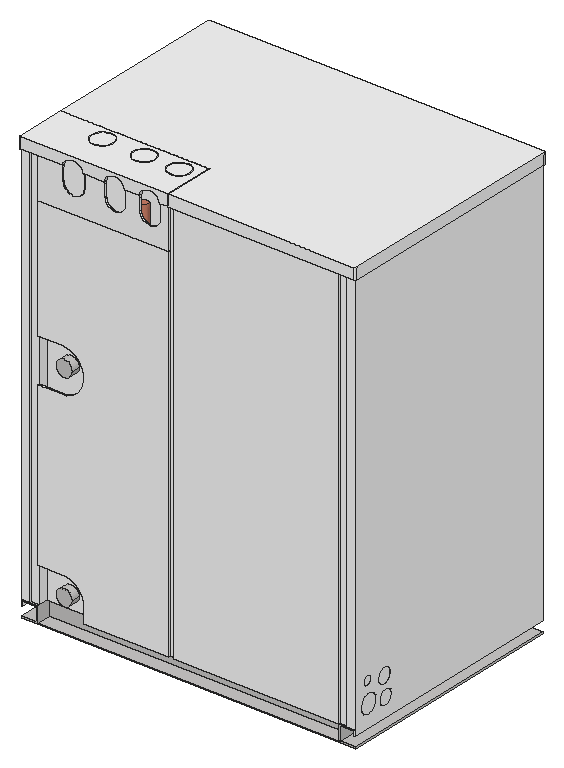
Revit family "Heat_Pump-Water_Source-JCI-Outdoor-6-18 _ton", category Mechanical Equipment, Revit 2015
Parameters (values of type "208 v - 6 ton Cooling Capacity")
  Width = 21 5/8"
  Water X Offset = 3 11/16"
  Water Radius = Water Diameter / 2  # 5/8"
  Water Pressure Drop [instance] = 0.00 psi
  Water Flow [instance] = 0 GPM
  Water Diameter = 1 1/4"
  Water Body Radius = Water Radius + 13/128"  # 93/128"
  Voltage = 208 V
  Visibility 3 [instance] = not(Knockout Power 3)  # yes
  Visibility 2 [instance] = not(Knockout Power 2)  # yes
  Visibility 1 [instance] = not(Knockout Power 1)  # no
  URL = "http://www.johnsoncontrols.com"
  Type Comments = "208 v - 6 ton Cooling Capacity"
  Total Heating Capacity = 96000.0 Btu/h
  Total Cooling Capacity = 72000.0 Btu/h
  Top Refrigerant [instance] = not(Front Refrigerant)  # no
  Refrigerant Used = "R410A"
  Rear Condensate [instance] = not(Front Condensate)  # yes
  Product Page URL = ""
  Product Name = "(H,Y)VWHP072B32S"
  Product Documentation Link = ""
  Power Z Offset [instance] = if(Knockout Power 1, 4 15/16", if(Knockout Power 2, 3", 2 11/16"))  # 4 15/16"
  Power Y Offset [instance] = if(Knockout Power 1, 1 1/2", if(Knockout Power 2, 1 5/8", 3 9/16"))  # 1 1/2"
  Power Factor = 0.8
  Plate Depth = 1/8"
  Pipe Material 2 = Metal - JCI - Steel WSHP
  Pipe Material 1 = Metal - JCI - Copper WSHP
  Phase = 3
  Panel 1 Width = 13 1/2"
  Operating Weight = 370.00 lbf
  Offset = 0"
  Number of Poles = 3
  Model = Product Name  # "(H,Y)VWHP072B32S"
  Minimum Circuit Current = 20 A
  Maximum Overcurrent Protection = 30 A
  Manufacturer = "Johnson Controls Incorporated"
  Load Classification = HVAC
  Lid Height = 1"
  Length 9 [instance] = if(Clearance Zones, Clearance Top Label, 0")  # 0"
  Length 8 [instance] = if(Clearance Zones, Clearance Back Label, 0")  # 0"
  Length 7 [instance] = if(Clearance Zones, Clearance Front, 0")  # 0"
  Length 6 [instance] = if(Clearance Zones, Clearance Right, 0")  # 0"
  Length 5 [instance] = if(Clearance Zones, Clearance Left, 0")  # 0"
  Length 4 = Knockout Radius + 1/32"  # 1"
  Length 2 = 5/32"
  Length 3 = 0" - Plate Depth  # -1/8"
  Length 12 = -1/8"
  Length 11 = (Width / 2) - Base Width + Plate Depth + 13/256"  # 9 125/256"
  Length 10 [instance] = 3" - 2 * Knockout Radius  # 1 1/16"
  Length 1 = 1/8"
  Length = 30 11/16"
  Knockout Radius = 1 15/16" / 2  # 31/32"
  Front Condensate [instance] = no
  Drain X Offset = 15 3/8"
  Drain Flow [instance] = 0 GPM
  Drain Body Radius = Drain Diameter / 2 + 13/128"  # 45/128"
  Drain Diameter = 1/2"
  DX Gas Suction X Offset = 4 3/4"
  DX Gas Suction Radius = DX Gas Suction Diameter / 2  # 5/16"
  DX Gas Suction Diameter = 5/8"
  Clearance Top 2 = 11 13/16"
  Clearance Top 1 = 3 15/16"
  Clearance Back 2 = 19 11/16"
  Clearance Back 1 = 13/16"
  Base Width = 1 1/2"
  Knockout Power 3 [instance] = no
  Knockout Power 2 [instance] = no
  Knockout Power 1 [instance] = yes
  Front Refrigerant [instance] = yes
  Height = 39 3/8"
  Frequency = 60 Hz
  Description = "Outdoor Unit Variable Refrigerant Flow"
  DX Liquid X Offset = 11 3/4"
  DX Liquid Radius = DX Liquid Diameter / 2  # 3/16"
  DX Liquid Diameter = 3/8"
  DX Z Offset [instance] = 35 1/2"
  DX Gas Discharge X Offset = 8 9/16"
  DX Gas Discharge Radius = DX Gas Discharge Diameter / 2  # 3/8"
  DX Gas Discharge Diameter = 3/4"
  Copyright © = "Copyright © 2001-2017 Johnson Controls"  # constant formula
  Clearance Zones [instance] = no
  Clearance Top Label [instance] = if(Front Refrigerant, Clearance Top 1, Clearance Top 2)  # 3 15/16"
  Clearance Right = 7 7/8"
  Clearance Material = Clearance Zones
  Clearance Left = 7 7/8"
  Clearance Front = 19 11/16"
  Clearance Back Label [instance] = if(Rear Condensate, Clearance Back 2, Clearance Back 1)  # 19 11/16"
  Body Material = Paint - JCI - White WSHP
  Body Inset = 1/8"
  Base Material = Metal - JCI - Steel WSHP
  Base Height = 1 1/2"
  Assembly Code = "D3030200"
  Apparent Load = Voltage * Minimum Circuit Current / Power Factor  # 5200 VA
  Angle 1 [instance] = if(Front Condensate, 0.00°, 180.00°)  # 180.00°
Reference planes (in)
  plane 1 "Center (Front/Back)": y = 0
  plane 2: z = 0
  plane 3 "Center (Left/Right)": x = 0
  plane 4 "Left": x = -15.34375
  plane 5 "Right": x = 15.34375
  plane 6 "Back": y = 10.8125
  plane 7 "Front": y = -10.8125
  plane 8 "Bottom": z = 0
  plane 9 "Top": z = 39.375
  plane 10 "base top": z = 1.5
  plane 11 "lid bottom": z = 38.375
  plane 12 "front leg inside": y = -9.3125
  plane 13 "back leg inside": y = 9.3125
  plane 14 "body left": x = -15.21875
  plane 15 "body right": x = 15.21875
  plane 16 "body back": y = 10.6875
  plane 17 "body front": y = -10.6875
  plane 18 "left leg inside": x = -13.71875
  plane 19 "right leg inside": x = 13.71875
  plane 20 "panel bottom": z = 1
  plane 21 "detail panel top": z = 4.8125
  plane 22 "clearance back": y = 10.8125
  plane 23 "clearance front": y = -10.8125
  plane 24 "clearance left": x = -15.34375
  plane 25 "clearance right": x = 15.34375
  plane 26 "clearance top": z = 39.375
  plane 27: y = 0
  plane 28 "dx liquid x cl": x = -3.46875
  plane 29 "dx gas discharge x cl": x = -6.65625
  plane 30 "dx y cl": y = -7.4375
  plane 31: x = 13.5625
  plane 32 "front dummy": y = -10.8125
  plane 33: z = 0.125
  plane 34: z = 1.375
  plane 35 "connection back": y = -9.6875
  plane 36 "panel 1": x = -1.84375
  plane 37 "water x cl": x = -11.53125
  plane 38 "water in z cl": z = 2.8125
  plane 39 "water out z cl": z = 21.5625
  plane 40 "front panel top section": z = 34.625
  plane 41: x = -10.46875
  plane 42 "front knockout z cl": z = 37.625
  plane 43: z = 38.15625
  plane 44: z = 37.09375
  plane 45: z = 39.25
  plane 46 "dx z cl": z = 35.5
  plane 47 "drain x cl": x = 0.03125
  plane 48 "drain z cl": z = 0.875
  plane 49 "bottom dummy": z = 0
Forms (in)
  Extrusion 1, solid, material "Paint - JCI - White WSHP" <- "Body Material", detail levels medium+fine
    sketch origin (0, 0, 0) x (1, 0, 0) y (0, 1, 0)
      loop
        arc (-15.21875, 10.8125) -> (-15.30714, 10.77589) -> (-15.34375, 10.6875) r 0.125
        line (-15.34375, 10.6875) -> (-15.34375, -6.0325) -> (-1.81375, -6.0325) -> (-1.81375, -10.8125) -> (15.21875, -10.8125)
        arc (15.21875, -10.8125) -> (15.30714, -10.77589) -> (15.34375, -10.6875) r 0.125
        line (15.34375, -10.6875) -> (15.34375, 10.6875)
        arc (15.34375, 10.6875) -> (15.30714, 10.77589) -> (15.21875, 10.8125) r 0.125
        line (15.21875, 10.8125) -> (-15.21875, 10.8125)
      loop
        arc (-15.34375, -10.6875) -> (-15.30714, -10.77589) -> (-15.21875, -10.8125) r 0.125
        line (-15.21875, -10.8125) -> (-1.84375, -10.8125) -> (-1.84375, -6.0625) -> (-15.34375, -6.0625) -> (-15.34375, -10.6875)
      loop
        circle (-10.46875, -7.4375) r 0.96875
      loop
        circle (-10.46875, -7.4375) r 1
      loop
        circle (-6.65625, -7.4375) r 0.96875
      loop
        circle (-3.46875, -7.4375) r 0.96875
    from 38.375 to 39.375
  Extrusion 2, solid, material "Paint - JCI - White WSHP" <- "Body Material", detail levels medium+fine
    sketch origin (0, -10.6875, 0) x (-1, 0, 0) y (0, 0, 1)
      loop
        line (1.84375, 1.5) -> (9.53125, 1.5) -> (9.53125, 2.8125)
        arc (9.53125, 2.8125) -> (10.11704, 4.22671) -> (11.53125, 4.8125) r 2
        line (11.53125, 4.8125) -> (13.71875, 4.8125) -> (13.71875, 19.5625) -> (11.53125, 19.5625)
        arc (11.53125, 19.5625) -> (9.53125, 21.5625) -> (11.53125, 23.5625) r 2
        line (11.53125, 23.5625) -> (13.71875, 23.5625) -> (13.71875, 34.59375) -> (1.84375, 34.59375) -> (1.84375, 1.5)
      loop
        line (1.34375, 38.375) -> (-13.71875, 38.375) -> (-13.71875, 1.5) -> (1.34375, 1.5) -> (1.34375, 38.375)
      loop
        line (13.71875, 38.375) -> (1.84375, 38.375) -> (1.84375, 34.625) -> (13.71875, 34.625) -> (13.71875, 38.375)
    from 0 to 0.125 <- "Plate Depth"
  Extrusion 3, solid, detail levels coarse
    sketch origin (0, 0, 0) x (1, 0, 0) y (0, 1, 0)
      loop
        line (-15.34375, 10.8125) -> (-15.34375, -10.8125) -> (15.34375, -10.8125) -> (15.34375, 10.8125) -> (-15.34375, 10.8125)
    from 0 to 39.375
  Extrusion 4, solid, material "Clearance Zones" <- "Clearance Material", visible <- "Clearance Zones"
    sketch origin (0, 0, 38.375) x (-1, 0, 0) y (0, -1, 0)
      loop
        line (15.34375, -10.8125) -> (15.34375, 10.8125) -> (-15.34375, 10.8125) -> (-15.34375, -10.8125) -> (15.34375, -10.8125)
    from -38.375 to 1
  Extrusion 5, solid, material "Metal - JCI - Steel WSHP" <- "Base Material", detail levels medium+fine
    sketch origin (0, 0, 0) x (1, 0, 0) y (0, 0, 1)
      loop
        line (15.09375, 1.375) -> (15.09375, 1.5) -> (13.71875, 1.5) -> (13.71875, 0) -> (15.21875, 0) -> (15.21875, 0.125) -> (13.84375, 0.125) -> (13.84375, 1.375) -> (15.09375, 1.375)
      loop
        line (-15.09375, 1.375) -> (-13.84375, 1.375) -> (-13.84375, 0.125) -> (-15.21875, 0.125) -> (-15.21875, 0) -> (-13.71875, 0) -> (-13.71875, 1.5) -> (-15.09375, 1.5) -> (-15.09375, 1.375)
    from -10.6875 to 10.6875
  Extrusion 6, solid, material "Paint - JCI - White WSHP" <- "Body Material", detail levels medium+fine
    sketch origin (0, 0, 0) x (1, 0, 0) y (0, 1, 0)
      loop
        line (-15.09375, 10.5625) -> (-15.09375, -10.5625) -> (-13.71875, -10.5625) -> (-13.71875, -9.6875) -> (-1.84375, -9.6875) -> (-1.84375, -10.5625) -> (15.09375, -10.5625) -> (15.09375, 10.5625) -> (-15.09375, 10.5625)
    from 1.5 to 38.375
  Extrusion 7, solid, material "Paint - JCI - White WSHP" <- "Body Material", detail levels medium+fine
    sketch origin (0, 0, 0) x (1, 0, 0) y (0, 1, 0)
      loop
        line (-15.09375, -10.5625) -> (-15.09375, 10.5625) -> (-14.46875, 10.5625) -> (-14.46875, 10.6875) -> (-15.21875, 10.6875) -> (-15.21875, -10.6875) -> (-14.46875, -10.6875) -> (-14.46875, -10.5625) -> (-15.09375, -10.5625)
      loop
        line (14.46875, 10.6875) -> (14.46875, 10.5625) -> (15.09375, 10.5625) -> (15.09375, -10.5625) -> (14.46875, -10.5625) -> (14.46875, -10.6875) -> (15.21875, -10.6875) -> (15.21875, 10.6875) -> (14.46875, 10.6875)
    from 1 to 38.375
  Extrusion 8, void
    sketch origin (0, 0, 0) x (1, 0, 0) y (0, 1, 0)
      loop
        line (-15.09375, 10.8125) -> (-15.09375, -10.8125) -> (15.09375, -10.8125) -> (15.09375, 10.8125) -> (-15.09375, 10.8125)
    from 0 to 1.5
  Extrusion 9, solid, material "Metal - JCI - Steel WSHP" <- "Pipe Material 2", detail levels medium+fine
    sketch origin (0, -9.6875, 0) x (-1, 0, 0) y (0, 0, 1)
      loop
        circle (11.53125, 21.5625) r 0.72656
      loop
        circle (11.53125, 2.8125) r 0.72656
    from 0 to -0.75
  Extrusion 10, void
    sketch origin (-38.06929, -10.7505, 48) x (1, 0, 0) y (0, 0, 1)
      loop
        line (26.63179, -9.84375) -> (26.63179, -10.90625)
        arc (26.63179, -10.90625) -> (27.60054, -11.875) -> (28.56929, -10.90625) r 0.96875
        line (28.56929, -10.90625) -> (28.56929, -9.84375)
        arc (28.56929, -9.84375) -> (27.60054, -8.875) -> (26.63179, -9.84375) r 0.96875
      loop
        line (30.44429, -9.84375) -> (30.44429, -10.90625)
        arc (30.44429, -10.90625) -> (31.41304, -11.875) -> (32.38179, -10.90625) r 0.96875
        line (32.38179, -10.90625) -> (32.38179, -9.84375)
        arc (32.38179, -9.84375) -> (31.41304, -8.875) -> (30.44429, -9.84375) r 0.96875
      loop
        line (33.63179, -9.84375) -> (33.63179, -10.90625)
        arc (33.63179, -10.90625) -> (34.60054, -11.875) -> (35.56929, -10.90625) r 0.96875
        line (35.56929, -10.90625) -> (35.56929, -9.84375)
        arc (35.56929, -9.84375) -> (34.60054, -8.875) -> (33.63179, -9.84375) r 0.96875
    from -1.063 to 0.125
  Extrusion 11, void
    sketch origin (0, 0, 0) x (1, 0, 0) y (0, 1, 0)
      loop
        line (-11.4375, -6.0325) -> (-11.4375, -10.5625) -> (-1.84375, -10.5625) -> (-1.84375, -6.0325) -> (-11.4375, -6.0325)
    from 27.82383 to 39.25
  Extrusion 12, solid, material "Paint - JCI - White WSHP" <- "Body Material", detail levels medium+fine
    sketch origin (0, -10.6875, 0) x (-1, 0, 0) y (0, 0, 1)
      loop
        arc (11.4375, 38.15625) -> (10.46875, 39.125) -> (9.5, 38.15625) r 0.96875
        line (9.5, 38.15625) -> (9.5, 37.09375)
        arc (9.5, 37.09375) -> (10.46875, 36.125) -> (11.4375, 37.09375) r 0.96875
        line (11.4375, 37.09375) -> (11.4375, 38.15625)
    from 0 to 0.125 <- "Plate Depth"
  Extrusion 13, solid, material "Paint - JCI - White WSHP" <- "Body Material", visible <- "Top Refrigerant", detail levels medium+fine
    sketch origin (0, -10.6875, 0) x (-1, 0, 0) y (0, 0, 1)
      loop
        line (5.6875, 38.15625) -> (5.6875, 37.09375)
        arc (5.6875, 37.09375) -> (6.65625, 36.125) -> (7.625, 37.09375) r 0.96875
        line (7.625, 37.09375) -> (7.625, 38.15625)
        arc (7.625, 38.15625) -> (6.65625, 39.125) -> (5.6875, 38.15625) r 0.96875
      loop
        line (4.4375, 37.09375) -> (4.4375, 38.15625)
        arc (4.4375, 38.15625) -> (3.46875, 39.125) -> (2.5, 38.15625) r 0.96875
        line (2.5, 38.15625) -> (2.5, 37.09375)
        arc (2.5, 37.09375) -> (3.46875, 36.125) -> (4.4375, 37.09375) r 0.96875
    from 0 to 0.125 <- "Plate Depth"
  Extrusion 14, solid, material "Paint - JCI - White WSHP" <- "Body Material", visible <- "Front Refrigerant", detail levels medium+fine
    sketch origin (0, 0, 39.375) x (-1, 0, 0) y (0, -1, 0)
      loop
        circle (6.65625, 7.4375) r 0.96875
      loop
        circle (3.46875, 7.4375) r 0.96875
    from 0 to -0.125 <- "Length 3"
  Extrusion 15, solid, material "Metal - JCI - Steel WSHP" <- "Base Material", detail levels medium+fine
    sketch origin (0, 0, 0) x (0, 1, 0) y (0, 0, 1)
      loop
        line (9.4375, 1.5) -> (9.3125, 1.5) -> (9.3125, 0) -> (10.6875, 0) -> (10.6875, 0.125) -> (9.4375, 0.125) -> (9.4375, 1.5)
      loop
        line (-9.3125, 1.5) -> (-9.4375, 1.5) -> (-9.4375, 0.125) -> (-10.6875, 0.125) -> (-10.6875, 0) -> (-9.3125, 0) -> (-9.3125, 1.5)
    from -13.71875 to 13.71875
  Extrusion 16, solid, material "Metal - JCI - Copper WSHP" <- "Pipe Material 1", detail levels medium+fine
    sketch origin (0, 0, 35.5) x (0, 1, 0) y (-1, 0, 0)
      loop
        circle (-7.4375, 6.65625) r 0.375
      loop
        circle (-7.4375, 3.46875) r 0.1875
    from 0 to -7.67617
  Extrusion 17, void
    sketch origin (15.21875, 0, 0) x (0, 1, 0) y (0, 0, 1)
      loop
        circle (-9.3125, 4.9375) r 0.4375
      loop
        circle (-7.375, 4.5) r 0.71875
      loop
        circle (-9.1875, 3) r 0.875
      loop
        circle (-7.25, 2.6875) r 0.6875
    from 0 to -0.125 <- "Length 3"
  Extrusion 18, solid, material "Paint - JCI - White WSHP" <- "Body Material", visible <- "Visibility 1", detail levels medium+fine
    sketch origin (15.21875, 0, 0) x (0, 1, 0) y (0, 0, 1)
      loop
        circle (-9.3125, 4.9375) r 0.4375
    from 0 to -0.125 <- "Length 12"
  Extrusion 19, solid, material "Paint - JCI - White WSHP" <- "Body Material", visible <- "Visibility 2", detail levels medium+fine
    sketch origin (15.21875, 0, 0) x (0, 1, 0) y (0, 0, 1)
      loop
        circle (-9.1875, 3) r 0.875
    from 0 to -0.125 <- "Length 3"
  Extrusion 20, solid, material "Paint - JCI - White WSHP" <- "Body Material", visible <- "Visibility 3", detail levels medium+fine
    sketch origin (15.21875, 0, 0) x (0, 1, 0) y (0, 0, 1)
      loop
        circle (-7.25, 2.6875) r 0.6875
    from 0 to -0.125 <- "Length 3"
  Extrusion 21, solid, material "Paint - JCI - White WSHP" <- "Body Material", not visible
    sketch origin (15.21875, 0, 0) x (0, 1, 0) y (0, 0, 1)
      loop
        circle (-9.3125, 4.9375) r 0.25
    from -0.125 <- "Length 3" to -0.25
  Revolve 22, solid, material "Metal - JCI - Steel WSHP" <- "Base Material", detail levels medium+fine
    sketch origin (0.03125, 0, 0.875) x (0, 1, 0) y (-1, 0, 0)
      loop
        line (9.36328, -0.35156) -> (9.48828, -0.35156) -> (9.48828, 0) -> (9.36328, 0) -> (9.36328, -0.35156)
      axis (9.36328, 0) -> (9.48828, 0)
    angle from 0 to 360
Cuts and joins
  Extrusion 8, Extrusion 17 cuts Extrusion 7
  Extrusion 10 cuts Extrusion 2
  Extrusion 10, Extrusion 11 cuts Extrusion 1
  Extrusion 11 cuts Extrusion 6
Lines and regions (in)
  Masking region 1
    outline origin (0, 0, 38.375) x (-1, 0, 0) y (0, -1, 0)
      loop
        line (15.34375, -10.8125) -> (15.34375, 10.8125) -> (-15.34375, 10.8125) -> (-15.34375, -10.8125) -> (15.34375, -10.8125)
  Masking region 2, detail levels coarse
    outline origin (0, 0, 0) x (1, 0, 0) y (0, 0, 1)
      loop
        line (-15.34375, 39.375) -> (-15.34375, 0) -> (15.34375, 0) -> (15.34375, 39.375) -> (-15.34375, 39.375)
  Masking region 3, detail levels medium+fine
    outline origin (0, 0, 0) x (1, 0, 0) y (0, 0, 1)
      loop
        line (-15.34375, 38.375) -> (-15.21875, 38.375) -> (-15.21875, 0.85015) -> (-15.09375, 0.85015) -> (-15.09375, 1.375) -> (-13.84375, 1.375) -> (-13.84375, 0.125) -> (-15.21875, 0.125) -> (-15.21875, 0) -> (15.21875, 0) -> (15.21875, 0.125) -> (13.84375, 0.125) -> (13.84375, 1.375) -> (15.09375, 1.375) -> (15.09375, 1) -> (15.21875, 1) -> (15.21875, 38.375) -> (15.34375, 38.375) -> (15.34375, 39.375) -> (-15.34375, 39.375) -> (-15.34375, 38.375)
  Masking region 4, detail levels coarse
    outline origin (0, 0, 0) x (0, 1, 0) y (0, 0, 1)
      loop
        line (10.8125, 39.375) -> (-10.8125, 39.375) -> (-10.8125, 0) -> (10.8125, 0) -> (10.8125, 39.375)
  Masking region 5, detail levels medium+fine
    outline origin (0, 0, 0) x (0, 1, 0) y (0, 0, 1)
      loop
        line (10.8125, 38.375) -> (10.8125, 39.375) -> (-10.8125, 39.375) -> (-10.8125, 38.375) -> (-10.6875, 38.375) -> (-10.6875, 0) -> (10.6875, 0) -> (10.6875, 38.375) -> (10.8125, 38.375)
  symbolic lines, style "Clearance Zones", visible <- "Clearance Zones"
    curve 1: line (-15.34375, 10.8125, 38.375) -> (15.34375, 10.8125, 38.375)
    curve 2: line (-15.34375, -10.8125, 38.375) -> (-15.34375, 10.8125, 38.375)
    curve 3: line (15.34375, -10.8125, 38.375) -> (-15.34375, -10.8125, 38.375)
    curve 4: line (15.34375, 10.8125, 38.375) -> (15.34375, -10.8125, 38.375)
    curve 5: line (-15.34375, 0, 39.375) -> (15.34375, 0, 39.375)
    curve 6: line (-15.34375, 0, 0) -> (-15.34375, 0, 39.375)
    curve 7: line (15.34375, 0, 0) -> (-15.34375, 0, 0)
    curve 8: line (15.34375, 0, 39.375) -> (15.34375, 0, 0)
    curve 9: line (0, 10.8125, 39.375) -> (0, -10.8125, 39.375)
    curve 10: line (0, 10.8125, 0) -> (0, 10.8125, 39.375)
    curve 11: line (0, -10.8125, 0) -> (0, 10.8125, 0)
    curve 12: line (0, -10.8125, 39.375) -> (0, -10.8125, 0)
  symbolic lines, detail levels medium+fine
    curve 13: line (-1.84375, -6.0625, 39.375) -> (-15.34375, -6.0625, 39.375)
    curve 14: line (-1.84375, -10.8125, 39.375) -> (-1.84375, -6.0625, 39.375)
    curve 15: circle (-6.65625, -7.4375, 39.375) r 0.96875 normal (0, 0, 1)
    curve 16: circle (-3.46875, -7.4375, 39.375) r 0.96875 normal (0, 0, 1)
    curve 17: circle (-10.46875, -7.4375, 39.375) r 0.96875 normal (0, 0, 1)
    curve 18: line (-13.71875, -10.6875, 38.375) -> (-13.71875, -10.6875, 0)
    curve 19: line (13.71875, -10.6875, 0) -> (13.71875, -10.6875, 38.375)
    curve 20: line (-13.71875, -10.6875, 0.125) -> (13.71875, -10.6875, 0.125)
    curve 21: line (-15.21875, -10.6875, 38.375) -> (-11.41248, -10.6875, 38.375)
    curve 22: line (-15.09375, -10.6875, 1.375) -> (-15.09375, -10.6875, 1.5)
    curve 23: line (-15.09375, -10.6875, 1.5) -> (15.09375, -10.6875, 1.5)
    curve 24: line (-14.46875, -10.6875, 38.375) -> (-14.46875, -10.6875, 1.5)
    curve 25: line (15.09375, -10.6875, 1.5) -> (15.09375, -10.6875, 1.375)
    curve 26: line (14.46875, -10.6875, 1.5) -> (14.46875, -10.6875, 38.375)
    curve 27: line (-1.34375, -10.8125, 1.5) -> (-1.34375, -10.8125, 38.375)
    curve 28: line (-1.84375, -10.8125, 34.625) -> (-1.84375, -10.8125, 1.5)
    curve 29: line (-11.53125, -10.8125, 4.8125) -> (-13.71875, -10.8125, 4.8125)
    curve 30: arc (-9.53125, -10.8125, 2.8125) -> (-10.11704, -10.8125, 4.22671) -> (-11.53125, -10.8125, 4.8125) r 2
    curve 31: line (-9.53125, -10.8125, 1.5) -> (-9.53125, -10.8125, 2.8125)
    curve 32: line (-13.71875, -10.8125, 19.5625) -> (-11.53125, -10.8125, 19.5625)
    curve 33: arc (-11.53125, -10.8125, 19.5625) -> (-9.53125, -10.8125, 21.5625) -> (-11.53125, -10.8125, 23.5625) r 2
    curve 34: line (-11.53125, -10.8125, 23.5625) -> (-13.71875, -10.8125, 23.5625)
    curve 35: line (-1.84375, -10.8125, 34.625) -> (-13.71875, -10.8125, 34.625)
    curve 36: line (-1.84375, -10.8125, 39.375) -> (-1.84375, -10.8125, 34.625)
    curve 37: line (-9.52502, -10.6875, 38.375) -> (-7.59998, -10.6875, 38.375)
    curve 38: line (-5.71252, -10.6875, 38.375) -> (-4.41248, -10.6875, 38.375)
    curve 39: line (-2.52502, -10.6875, 38.375) -> (15.21875, -10.6875, 38.375)
    curve 40: line (-7.625, -10.8125, 38.15625) -> (-7.625, -10.8125, 37.09375)
    curve 41: arc (-7.625, -10.8125, 37.09375) -> (-6.65625, -10.8125, 36.125) -> (-5.6875, -10.8125, 37.09375) r 0.96875
    curve 42: line (-5.6875, -10.8125, 37.09375) -> (-5.6875, -10.8125, 38.15625)
    curve 43: arc (-5.6875, -10.8125, 38.15625) -> (-6.65625, -10.8125, 39.125) -> (-7.625, -10.8125, 38.15625) r 0.96875
    curve 44: line (-2.5, -10.8125, 37.09375) -> (-2.5, -10.8125, 38.15625)
    curve 45: arc (-2.5, -10.8125, 38.15625) -> (-3.46875, -10.8125, 39.125) -> (-4.4375, -10.8125, 38.15625) r 0.96875
    curve 46: line (-4.4375, -10.8125, 38.15625) -> (-4.4375, -10.8125, 37.09375)
    curve 47: arc (-4.4375, -10.8125, 37.09375) -> (-3.46875, -10.8125, 36.125) -> (-2.5, -10.8125, 37.09375) r 0.96875
    curve 48: line (-9.5, -10.8125, 37.09375) -> (-9.5, -10.8125, 38.15625)
    curve 49: arc (-9.5, -10.8125, 38.15625) -> (-10.46875, -10.8125, 39.125) -> (-11.4375, -10.8125, 38.15625) r 0.96875
    curve 50: line (-11.4375, -10.8125, 38.15625) -> (-11.4375, -10.8125, 37.09375)
    curve 51: arc (-11.4375, -10.8125, 37.09375) -> (-10.46875, -10.8125, 36.125) -> (-9.5, -10.8125, 37.09375) r 0.96875
    curve 52: circle (-11.53125, -10.8125, 21.5625) r 0.72656 normal (0, 1, 0)
    curve 53: circle (-11.53125, -10.8125, 2.8125) r 0.72656 normal (0, 1, 0)
    curve 54: line (0, 10.6875, 1) -> (0, -10.6875, 1)
    curve 55: line (0, 10.6875, 0.125) -> (0, -10.6875, 0.125)
    curve 56: line (0, 10.6875, 38.375) -> (0, -10.6875, 38.375)
    curve 57: circle (15.34375, -7.25, 2.6875) r 0.6875 normal (1, 0, 0)
    curve 58: circle (15.34375, -9.1875, 3) r 0.875 normal (1, 0, 0)
    curve 59: circle (15.34375, -9.3125, 4.9375) r 0.4375 normal (1, 0, 0)
    curve 60: circle (15.34375, -7.375, 4.5) r 0.71875 normal (1, 0, 0)
    curve 62: circle (0.03125, -10.8125, 0.875) r 0.35156 normal (0, 1, 0)
    curve 65: line (-11.41248, 10.8125, 38.375) -> (-9.52502, 10.8125, 38.375)
    curve 66: line (-7.59998, 10.8125, 38.375) -> (-5.71252, 10.8125, 38.375)
    curve 67: line (-4.41248, 10.8125, 38.375) -> (-2.52502, 10.8125, 38.375)
  reference lines, not visible
    curve 61: line (0.03125, 0, 0.875) -> (0.03125, 9.48828, 0.875)
  symbolic lines, visible <- "Top Refrigerant", detail levels medium+fine
    curve 63: circle (-6.65625, -7.4375, 39.375) r 0.375 normal (0, 0, 1)
    curve 64: circle (-3.46875, -7.4375, 39.375) r 0.1875 normal (0, 0, 1)
Dimensions and locks (in)
  equal spacing: plane 4 "Left", plane 3 "Center (Left/Right)", plane 5 "Right"
  "Length": plane 4 "Left" to plane 5 "Right"
  equal spacing: plane 6 "Back", plane 1 "Center (Front/Back)", plane 7 "Front"
  "Width": plane 6 "Back" to plane 7 "Front"
  "Height": plane 9 "Top" to plane 8 "Bottom"
  "Base Height": plane 10 "base top" to plane 8 "Bottom"
  "Offset": plane 8 "Bottom" to level
  "Lid Height": plane 9 "Top" to plane 11 "lid bottom"
  "Base Width": plane 6 "Back" to plane 13 "back leg inside"
  "Base Width": plane 12 "front leg inside" to plane 7 "Front"
  "Body Inset": plane 6 "Back" to plane 16 "body back"
  "Body Inset": plane 17 "body front" to plane 7 "Front"
  "Base Width": plane 14 "body left" to plane 18 "left leg inside"
  "Base Width": plane 19 "right leg inside" to plane 15 "body right"
  "Length 5": plane 24 "clearance left" to plane 4 "Left"
  "Length 6": plane 5 "Right" to plane 25 "clearance right"
  "Length 8": plane 22 "clearance back" to plane 6 "Back"
  "Length 7": plane 32 "front dummy" to plane 23 "clearance front"
  "Length 9": plane 26 "clearance top" to plane 9 "Top"
  "DX Liquid X Offset": plane 14 "body left" to plane 28 "dx liquid x cl"
  "DX Gas Discharge X Offset": plane 14 "body left" to plane 29 "dx gas discharge x cl"
  "Length 2": plane 19 "right leg inside" to plane 31
  "Body Inset": plane 4 "Left" to plane 14 "body left"
  "Body Inset": plane 15 "body right" to plane 5 "Right"
  "Plate Depth": plane 10 "base top" to plane 34
  "Plate Depth": plane 33 to plane 8 "Bottom"
  "Plate Depth": plane 15 "body right" to Extrusion 5 sketch curve
  "Plate Depth": Extrusion 5 sketch curve to Extrusion 5 sketch curve  (x5)
  "Plate Depth": Extrusion 5 sketch curve to plane 14 "body left"
  locked: plane 35 "connection back" to plane 17 "body front" at 1
  "Panel 1 Width": plane 4 "Left" to plane 36 "panel 1"
  "Plate Depth": plane 17 "body front" to Extrusion 6 sketch curve
  "Plate Depth": Extrusion 6 sketch curve to plane 15 "body right"
  "Plate Depth": plane 14 "body left" to Extrusion 6 sketch curve
  "Plate Depth": plane 16 "body back" to Extrusion 6 sketch curve
  "Plate Depth": Extrusion 7 sketch curve to Extrusion 7 sketch curve  (x5)
  locked: plane 10 "base top" to plane 20 "panel bottom" at 0.5
  "Plate Depth": Extrusion 5 to Extrusion 7 sketch curve
  locked: Extrusion 5 to Extrusion 7 sketch curve at 0.75
  locked: Extrusion 7 sketch curve to Extrusion 7 sketch curve at 0.75  (x3)
  "Plate Depth": plane 14 "body left" to Extrusion 8 sketch curve
  "Plate Depth": Extrusion 8 sketch curve to plane 15 "body right"
  "Water X Offset": plane 14 "body left" to plane 37 "water x cl"
  locked: plane 38 "water in z cl" to plane 8 "Bottom" at 2.8125
  locked: plane 39 "water out z cl" to plane 38 "water in z cl" at 18.75
  locked: plane 21 "detail panel top" to plane 38 "water in z cl" at 2
  locked: plane 37 "water x cl" to Extrusion 2 sketch curve at 2
  locked: Extrusion 2 sketch curve to plane 36 "panel 1" at 0.5
  locked: plane 9 "Top" to plane 40 "front panel top section" at 4.75
  locked: plane 40 "front panel top section" to Extrusion 2 sketch curve at 0.03125
  locked: Extrusion 1 sketch curve to Extrusion 1 sketch curve at 0.03  (x2)
  locked: Extrusion 1 sketch curve to Extrusion 1 sketch curve at 4.75
  "DX Gas Suction X Offset": plane 14 "body left" to plane 41
  locked: plane 30 "dx y cl" to plane 7 "Front" at 3.375
  equal spacing: plane 43, plane 42 "front knockout z cl", plane 44, locked at 0.53125 each
  "Length 10": plane 43 to plane 44
  locked: plane 9 "Top" to plane 42 "front knockout z cl" at 1.75
  "Plate Depth": plane 9 "Top" to plane 45
  "Plate Depth": Extrusion 11 sketch curve to plane 17 "body front"
  "Knockout Radius": Extrusion 11 sketch curve to plane 41
  "Plate Depth": Extrusion 15 sketch curve to Extrusion 15 sketch curve  (x2)
  "DX Z Offset": plane 46 "dx z cl" to plane 49 "bottom dummy"
  locked: plane 7 "Front" to Extrusion 17 sketch curve at 1.5
  plane 7 "Front" to Extrusion 17 sketch curve = 1 5/8"
  locked: plane 7 "Front" to Extrusion 17 sketch curve at 3.4375
  locked: plane 7 "Front" to Extrusion 17 sketch curve at 3.5625
  locked: Extrusion 17 sketch curve to plane 8 "Bottom" at 2.6875
  locked: Extrusion 17 sketch curve to plane 8 "Bottom" at 3
  locked: Extrusion 17 sketch curve to plane 8 "Bottom" at 4.5
  locked: Extrusion 17 sketch curve to plane 8 "Bottom" at 4.9375
  "Power Y Offset": plane 7 "Front" to Extrusion 21 sketch curve
  "Power Z Offset": Extrusion 21 sketch curve to plane 8 "Bottom"
  "Drain X Offset": plane 4 "Left" to plane 47 "drain x cl"
  locked: plane 48 "drain z cl" to plane 8 "Bottom" at 0.875
  "Length 11": curve 61 to curve 61
  "Drain Body Radius": Revolve 22 sketch curve to Revolve 22 sketch curve
  "Plate Depth": Revolve 22 sketch curve to Revolve 22 sketch curve
  "Length 1": radius of Extrusion 1 sketch curve  (x4)
  radius of Extrusion 2 sketch curve = 2"  (x2)
  "Water Body Radius": radius of Extrusion 9 sketch curve  (x2)
  "Knockout Radius": radius of Extrusion 1 sketch curve  (x3)
  "Length 4": radius of Extrusion 1 sketch curve
  "Knockout Radius": radius of Extrusion 10 sketch curve  (x2)
  "Knockout Radius": radius of Extrusion 12 sketch curve  (x2)
  "DX Liquid Radius": radius of Extrusion 16 sketch curve
  "DX Gas Discharge Radius": radius of Extrusion 16 sketch curve
  diameter of Extrusion 17 sketch curve = 7/8"
  diameter of Extrusion 17 sketch curve = 1 7/16"
  diameter of Extrusion 17 sketch curve = 1 3/8"
  diameter of Extrusion 17 sketch curve = 1 3/4"
  diameter of Extrusion 21 sketch curve = 1/2"
  "Drain Body Radius": radius of curve 62
  "DX Gas Discharge Radius": radius of curve 63
  "DX Liquid Radius": radius of curve 64
  "Angle 1": angle plane 47 "drain x cl" to curve 61
  aligned and locked: level to plane 2
  aligned and locked: Extrusion 1 to plane 11 "lid bottom"
  aligned and locked: plane 17 "body front" to Extrusion 2
  aligned and locked: plane 7 "Front" to Extrusion 3 sketch curve
  aligned and locked: Extrusion 3 sketch curve to plane 5 "Right"
  aligned and locked: Extrusion 3 sketch curve to plane 6 "Back"
  aligned and locked: plane 4 "Left" to Extrusion 3 sketch curve
  aligned and locked: Extrusion 3 to plane 8 "Bottom"
  aligned and locked: Masking region 1 sketch curve to Extrusion 3  (x4)
  aligned and locked: Extrusion 4 sketch curve to plane 22 "clearance back"
  aligned and locked: plane 24 "clearance left" to Extrusion 4 sketch curve
  aligned and locked: plane 23 "clearance front" to Extrusion 4 sketch curve
  aligned and locked: Extrusion 4 sketch curve to plane 25 "clearance right"
  aligned and locked: curve 4 to plane 25 "clearance right"
  aligned and locked: plane 24 "clearance left" to curve 2
  aligned and locked: plane 23 "clearance front" to curve 3
  aligned and locked: curve 1 to plane 22 "clearance back"
  aligned and locked: plane 26 "clearance top" to Extrusion 4
  aligned and locked: Extrusion 4 to plane 8 "Bottom"
  aligned and locked: plane 24 "clearance left" to curve 6
  aligned and locked: curve 8 to plane 25 "clearance right"
  aligned and locked: curve 5 to plane 26 "clearance top"
  aligned and locked: plane 8 "Bottom" to curve 7
  aligned and locked: curve 10 to plane 22 "clearance back"
  aligned and locked: plane 23 "clearance front" to curve 12
  aligned and locked: curve 9 to plane 26 "clearance top"
  aligned and locked: plane 8 "Bottom" to curve 11
  aligned and locked: plane 4 "Left" to Masking region 2 sketch curve
  aligned and locked: Masking region 2 sketch curve to plane 5 "Right"
  aligned and locked: plane 8 "Bottom" to Masking region 2 sketch curve
  aligned and locked: Masking region 3 sketch curve to plane 9 "Top"
  aligned and locked: plane 11 "lid bottom" to Masking region 3 sketch curve
  aligned and locked: Masking region 3 sketch curve to plane 11 "lid bottom"
  aligned and locked: Masking region 4 sketch curve to Extrusion 3  (x4)
  aligned and locked: Masking region 5 sketch curve to Masking region 5 sketch curve
  aligned and locked: plane 11 "lid bottom" to Masking region 5 sketch curve
  aligned and locked: Masking region 5 sketch curve to plane 9 "Top"
  aligned and locked: plane 17 "body front" to Masking region 5 sketch curve
  aligned and locked: plane 32 "front dummy" to plane 7 "Front"
  aligned and locked: Extrusion 5 sketch curve to plane 8 "Bottom"
  aligned and locked: plane 33 to Extrusion 5 sketch curve
  aligned and locked: Extrusion 5 sketch curve to plane 19 "right leg inside"
  aligned and locked: plane 15 "body right" to Extrusion 5 sketch curve
  aligned and locked: plane 10 "base top" to Extrusion 5 sketch curve
  aligned and locked: plane 8 "Bottom" to Extrusion 5 sketch curve
  aligned and locked: Extrusion 5 sketch curve to plane 18 "left leg inside"
  aligned and locked: Extrusion 5 sketch curve to plane 10 "base top"
  aligned and locked: plane 16 "body back" to Extrusion 5
  aligned and locked: Extrusion 5 to plane 17 "body front"
  aligned and locked: Extrusion 6 sketch curve to plane 36 "panel 1"
  aligned and locked: Extrusion 6 sketch curve to plane 35 "connection back"
  aligned and locked: plane 11 "lid bottom" to Extrusion 6
  aligned and locked: Extrusion 6 to plane 10 "base top"
  aligned and locked: Extrusion 7 sketch curve to plane 14 "body left"
  aligned and locked: Extrusion 7 sketch curve to plane 15 "body right"
  aligned and locked: plane 11 "lid bottom" to Extrusion 7
  aligned and locked: plane 20 "panel bottom" to Extrusion 7
  aligned and locked: plane 10 "base top" to Extrusion 2 sketch curve  (x2)
  aligned and locked: plane 17 "body front" to Extrusion 7 sketch curve
  aligned and locked: Extrusion 7 sketch curve to plane 16 "body back"  (x2)
  aligned and locked: Extrusion 7 sketch curve to plane 17 "body front"
  aligned and locked: plane 7 "Front" to Extrusion 8 sketch curve
  aligned and locked: Extrusion 8 sketch curve to plane 6 "Back"
  aligned and locked: plane 10 "base top" to Extrusion 8
  aligned and locked: Extrusion 8 to plane 8 "Bottom"
  aligned and locked: Extrusion 6 sketch curve to plane 18 "left leg inside"
  aligned and locked: Extrusion 6 sketch curve to Extrusion 6 sketch curve
  aligned and locked: plane 21 "detail panel top" to Extrusion 2 sketch curve
  aligned and locked: plane 37 "water x cl" to Extrusion 2 sketch curve
  aligned and locked: Extrusion 2 sketch curve to plane 39 "water out z cl"
  aligned and locked: Extrusion 2 sketch curve to plane 36 "panel 1"
  aligned and locked: plane 18 "left leg inside" to Extrusion 2 sketch curve
  aligned and locked: Extrusion 2 sketch curve to Extrusion 2 sketch curve  (x3)
  aligned and locked: Extrusion 2 sketch curve to plane 19 "right leg inside"
  aligned and locked: Extrusion 9 sketch curve to plane 38 "water in z cl"
  aligned and locked: Extrusion 9 sketch curve to plane 39 "water out z cl"
  aligned and locked: plane 37 "water x cl" to Extrusion 9 sketch curve  (x2)
  aligned and locked: plane 9 "Top" to Extrusion 1
  aligned and locked: Extrusion 2 sketch curve to plane 11 "lid bottom"  (x2)
  aligned and locked: plane 40 "front panel top section" to Extrusion 2 sketch curve
  aligned and locked: plane 36 "panel 1" to Extrusion 1 sketch curve
  aligned and locked: plane 4 "Left" to Extrusion 1 sketch curve
  aligned and locked: plane 7 "Front" to Extrusion 1 sketch curve  (x2)
  aligned and locked: Extrusion 1 sketch curve to plane 5 "Right"
  aligned and locked: Extrusion 1 sketch curve to plane 6 "Back"
  aligned and locked: plane 9 "Top" to Extrusion 3
  aligned and locked: plane 30 "dx y cl" to Extrusion 1 sketch curve  (x4)
  aligned and locked: plane 41 to Extrusion 1 sketch curve  (x2)
  aligned and locked: plane 29 "dx gas discharge x cl" to Extrusion 1 sketch curve
  aligned and locked: plane 28 "dx liquid x cl" to Extrusion 1 sketch curve
  aligned and locked: plane 41 to Extrusion 10 sketch curve  (x2)
  aligned and locked: Extrusion 10 sketch curve to plane 43  (x3)
  aligned and locked: Extrusion 10 sketch curve to plane 44  (x3)
  aligned and locked: plane 29 "dx gas discharge x cl" to Extrusion 10 sketch curve
  aligned and locked: plane 28 "dx liquid x cl" to Extrusion 10 sketch curve
  aligned and locked: Masking region 2 sketch curve to plane 9 "Top"
  aligned and locked: cut or joined group of Extrusion 1, Extrusion 10, Extrusion 11 to Extrusion 11 sketch curve
  aligned and locked: Extrusion 11 sketch curve to plane 36 "panel 1"
  aligned and locked: plane 45 to Extrusion 11
  aligned and locked: plane 35 "connection back" to Extrusion 10
  aligned and locked: plane 41 to Extrusion 12 sketch curve  (x2)
  aligned and locked: Extrusion 12 sketch curve to plane 44
  aligned and locked: Extrusion 12 sketch curve to plane 43
  aligned and locked: Extrusion 12 to plane 17 "body front"
  aligned and locked: Extrusion 13 sketch curve to cut or joined group of Extrusion 1, Extrusion 10, Extrusion 11  (x2)
  aligned and locked: Extrusion 13 sketch curve to cut or joined group of Extrusion 2, Extrusion 10  (x2)
  aligned and locked: Extrusion 14 sketch curve to cut or joined group of Extrusion 1, Extrusion 10, Extrusion 11  (x2)
  aligned and locked: Extrusion 15 sketch curve to plane 33  (x2)
  aligned and locked: Extrusion 15 sketch curve to plane 8 "Bottom"  (x2)
  aligned and locked: Extrusion 15 sketch curve to plane 13 "back leg inside"
  aligned and locked: plane 10 "base top" to Extrusion 15 sketch curve  (x2)
  aligned and locked: Extrusion 15 sketch curve to plane 17 "body front"
  aligned and locked: plane 12 "front leg inside" to Extrusion 15 sketch curve
  aligned and locked: plane 16 "body back" to Extrusion 15 sketch curve
  aligned and locked: Extrusion 15 to plane 18 "left leg inside"
  aligned and locked: plane 19 "right leg inside" to Extrusion 15
  aligned and locked: plane 30 "dx y cl" to Extrusion 16 sketch curve  (x2)
  aligned and locked: plane 28 "dx liquid x cl" to Extrusion 16 sketch curve
  aligned and locked: plane 29 "dx gas discharge x cl" to Extrusion 16 sketch curve
  aligned and locked: cut or joined group of Extrusion 6, Extrusion 11 to Extrusion 16
  aligned and locked: plane 46 "dx z cl" to Extrusion 16
  aligned and locked: Extrusion 18 sketch curve to cut or joined group of Extrusion 7, Extrusion 8, Extrusion 17
  aligned and locked: Extrusion 19 sketch curve to cut or joined group of Extrusion 7, Extrusion 8, Extrusion 17
  aligned and locked: Extrusion 20 sketch curve to cut or joined group of Extrusion 7, Extrusion 8, Extrusion 17
  aligned and locked: curve 13 to cut or joined group of Extrusion 1, Extrusion 10, Extrusion 11
  aligned and locked: curve 14 to cut or joined group of Extrusion 1, Extrusion 10, Extrusion 11
  aligned and locked: curve 17 to cut or joined group of Extrusion 1, Extrusion 10, Extrusion 11
  aligned and locked: curve 15 to Extrusion 14
  aligned and locked: curve 16 to Extrusion 14
  aligned and locked: Masking region 3 sketch curve to plane 8 "Bottom"
  aligned and locked: Masking region 3 sketch curve to plane 14 "body left"  (x2)
  aligned and locked: Extrusion 5 to Masking region 3 sketch curve  (x5)
  aligned and locked: Masking region 3 sketch curve to cut or joined group of Extrusion 7, Extrusion 8, Extrusion 17
  aligned and locked: plane 4 "Left" to Masking region 3 sketch curve
  aligned and locked: plane 15 "body right" to Masking region 3 sketch curve
  aligned and locked: Masking region 3 sketch curve to plane 5 "Right"
  aligned and locked: plane 20 "panel bottom" to Masking region 3 sketch curve
  aligned and locked: cut or joined group of Extrusion 7, Extrusion 8, Extrusion 17 to Masking region 3 sketch curve
  aligned and locked: Masking region 3 sketch curve to Extrusion 5
  aligned and locked: Masking region 3 sketch curve to plane 15 "body right"
  aligned and locked: curve 18 to Extrusion 5
  aligned and locked: Extrusion 5 to curve 19
  aligned and locked: curve 20 to Extrusion 15
  aligned and locked: Masking region 3 to curve 18
  aligned and locked: Masking region 3 to curve 21  (x2)
  aligned and locked: Masking region 3 to curve 39
  aligned and locked: curve 21 to curve 18
  aligned and locked: curve 22 to Extrusion 5
  aligned and locked: curve 23 to Extrusion 5
  aligned and locked: curve 24 to cut or joined group of Extrusion 7, Extrusion 8, Extrusion 17
  aligned and locked: curve 25 to Extrusion 5
  aligned and locked: curve 26 to cut or joined group of Extrusion 7, Extrusion 8, Extrusion 17
  aligned and locked: curve 27 to cut or joined group of Extrusion 2, Extrusion 10
  aligned and locked: curve 28 to cut or joined group of Extrusion 2, Extrusion 10
  aligned and locked: curve 30 to cut or joined group of Extrusion 2, Extrusion 10
  aligned and locked: curve 31 to cut or joined group of Extrusion 2, Extrusion 10
  aligned and locked: curve 32 to cut or joined group of Extrusion 2, Extrusion 10
  aligned and locked: curve 33 to cut or joined group of Extrusion 2, Extrusion 10
  aligned and locked: curve 35 to cut or joined group of Extrusion 2, Extrusion 10
  aligned and locked: curve 36 to cut or joined group of Extrusion 2, Extrusion 10
  aligned and locked: plane 9 "Top" to curve 36
  aligned and locked: curve 41 to Extrusion 13
  aligned and locked: curve 43 to Extrusion 13
  aligned and locked: curve 45 to Extrusion 13
  aligned and locked: curve 47 to Extrusion 13
  aligned and locked: curve 49 to Extrusion 12
  aligned and locked: curve 51 to Extrusion 12
  aligned and locked: curve 53 to Extrusion 9
  aligned and locked: curve 52 to Extrusion 9
  aligned and locked: Masking region 5 sketch curve to plane 16 "body back"
  aligned and locked: Masking region 5 sketch curve to plane 6 "Back"
  aligned and locked: plane 32 "front dummy" to Masking region 5 sketch curve
  aligned and locked: Masking region 5 sketch curve to plane 8 "Bottom"
  aligned and locked: plane 20 "panel bottom" to curve 54
  aligned and locked: Masking region 5 to curve 55  (x2)
  aligned and locked: Masking region 5 to curve 54  (x2)
  aligned and locked: Masking region 5 to curve 56  (x2)
  aligned and locked: curve 56 to Masking region 5
  aligned and locked: curve 57 to Extrusion 20
  aligned and locked: curve 60 to cut or joined group of Extrusion 7, Extrusion 8, Extrusion 17
  aligned and locked: curve 58 to Extrusion 19
  aligned and locked: curve 59 to Extrusion 18
  aligned and locked: plane 47 "drain x cl" to curve 61
  aligned and locked: plane 1 "Center (Front/Back)" to curve 61
  aligned and locked: curve 61 to Revolve 22 sketch curve
  aligned and locked: Revolve 22 sketch curve to Revolve 22 sketch curve  (x2)
  aligned and locked: plane 47 "drain x cl" to curve 62
  aligned and locked: plane 48 "drain z cl" to curve 62
  aligned and locked: Revolve 22 sketch curve to curve 61
  aligned and locked: plane 30 "dx y cl" to curve 64
  aligned and locked: plane 30 "dx y cl" to curve 63
  aligned and locked: plane 28 "dx liquid x cl" to curve 64
  aligned and locked: plane 29 "dx gas discharge x cl" to curve 63
  aligned and locked: plane 8 "Bottom" to plane 49 "bottom dummy"
Automatic sketch dimensions
  Extrusion 5 sketch curve to plane 14 "body left" = 0"
  plane 20 "panel bottom" to Masking region 3 sketch curve = 0.14985"
  curve 39 to plane 11 "lid bottom" = 0"
  curve 38 to plane 11 "lid bottom" = 0"
  curve 37 to plane 11 "lid bottom" = 0"
  curve 19 to level = 0"
  curve 25 to plane 34 = 0"
  curve 22 to plane 34 = 0"
  curve 39 to plane 36 "panel 1" = 0.68127"
  curve 38 to plane 28 "dx liquid x cl" = 0.94373"
  plane 29 "dx gas discharge x cl" to curve 38 = 0.94373"
  curve 37 to plane 29 "dx gas discharge x cl" = 0.94373"
  plane 41 to curve 37 = 0.94373"
  plane 37 "water x cl" to curve 21 = 0.11877"
  curve 13 to plane 4 "Left" = 0"
  curve 14 to plane 7 "Front" = 0"
  plane 33 to curve 55 = 0"
  Extrusion 1 sketch curve to plane 4 "Left" = 0"
  Extrusion 10 sketch curve to plane 44 = 0"
  Extrusion 10 sketch curve to plane 29 "dx gas discharge x cl" = 31/32"
  Extrusion 10 sketch curve to plane 28 "dx liquid x cl" = 31/32"
  Extrusion 12 sketch curve to plane 44 = 0"
  Extrusion 12 sketch curve to plane 43 = 0"
  curve 32 to plane 18 "left leg inside" = 0"
  curve 34 to plane 18 "left leg inside" = 0"
  curve 35 to plane 18 "left leg inside" = 0"
  curve 29 to plane 18 "left leg inside" = 0"
  curve 28 to plane 10 "base top" = 0"
  curve 31 to plane 10 "base top" = 0"
  curve 27 to plane 10 "base top" = 0"
  curve 27 to plane 11 "lid bottom" = 0"
  curve 61 to Revolve 22 sketch curve = 0.70709"
  curve 67 to plane 11 "lid bottom" = 0"
  curve 66 to plane 11 "lid bottom" = 0"
  curve 65 to plane 11 "lid bottom" = 0"
  curve 67 to plane 36 "panel 1" = 0.68127"
  curve 67 to plane 28 "dx liquid x cl" = 0.94373"
  plane 29 "dx gas discharge x cl" to curve 66 = 0.94373"
  curve 66 to plane 29 "dx gas discharge x cl" = 0.94373"
  plane 41 to curve 65 = 0.94373"
  plane 37 "water x cl" to curve 65 = 0.11877"
Connectors (in)
  piping at (-6.65625, -7.4375, 35.5), diameter 0.75, driven by "DX Gas Discharge Diameter"
    settings: on Extrusion 16, index 1, connector inside diameter 24", connector length 0", flow factor 0, pipe flow 0 GPM, pressure drop 0.00 psi, fitting loss kfactor 0, connector angle 0.00°, fixture units 0, engagement length 0", angle of deflection 0.00°, flow configuration 1, flow direction 0, fitting loss method 0, system type 22, joint type 0, gender type 0, connector reference index 2, connector utility 0, adjustable connector no, is connector primary yes, connector description "Refrigerant Gas"
  piping at (-3.46875, -7.4375, 35.5), diameter 0.375, driven by "DX Liquid Diameter"
    settings: on Extrusion 16, index 2, connector inside diameter 24", connector length 0", flow factor 0, pipe flow 0 GPM, pressure drop 0.00 psi, fitting loss kfactor 0, connector angle 0.00°, fixture units 0, engagement length 0", angle of deflection 0.00°, flow configuration 0, flow direction 0, fitting loss method 0, system type 22, joint type 0, gender type 0, connector reference index 1, connector utility 0, adjustable connector no, is connector primary no, connector description "Refrigerant Liquid"
  electrical at (15.09375, -7.375, 4.5)
    settings: on cut or joined group of Extrusion 7, Extrusion 8, Extrusion 17, index 3, voltage 0 V, apparent load 0 VA, apparent load phase1 0 VA, apparent load phase2 0 VA, apparent load phase3 0 VA, power factor 1, load classification "Other", number of poles 1, system type 13, power factor state 1, is connector primary yes, connector utility no, sub classification motor no, connector description "Controls"
  cabletrayconduit at (15.09375, -7.375, 4.5), diameter 0.5
    settings: on cut or joined group of Extrusion 7, Extrusion 8, Extrusion 17, index 4, connector width 12", connector height 12", connector angle 0.00°, system type 32, placement type 0, profile type 0, connector reference index -1, is primary connector yes, connector utility param no, connector description "Controls Conduit"
  electrical at (15.09375, -9.3125, 4.9375), driven by "Number of Poles", driven by "Load Classification", driven by "Voltage", driven by "Apparent Load", driven by "Power Factor"
    settings: on Extrusion 21, index 5, voltage 208 V, apparent load 5200 VA, apparent load phase1 0 VA, apparent load phase2 0 VA, apparent load phase3 0 VA, power factor 0.8, load classification "HVAC", number of poles 3, system type 30, power factor state 1, is connector primary no, connector utility no, sub classification motor no, connector description "Power"
  cabletrayconduit at (15.09375, -9.3125, 4.9375), diameter 0.5
    settings: on Extrusion 21, index 6, connector width 12", connector height 12", connector angle 0.00°, system type 32, placement type 0, profile type 0, connector reference index -1, is primary connector no, connector utility param no, connector description "Power Conduit"
  piping at (-11.53125, -10.4375, 21.5625), diameter 1.25, driven by "Water Diameter", driven by "Water Pressure Drop", driven by "Water Flow"
    settings: on Extrusion 9, index 7, connector inside diameter 24", connector length 0", flow factor 0, pipe flow 0 GPM, pressure drop 0.00 psi, fitting loss kfactor 0, connector angle 0.00°, fixture units 0, engagement length 0", angle of deflection 0.00°, flow configuration 1, flow direction 2, fitting loss method 4, system type 8, joint type 0, gender type 0, connector reference index 8, connector utility 0, adjustable connector no, is connector primary no, connector description "Water Out"
  piping at (-11.53125, -10.4375, 2.8125), diameter 1.25, driven by "Water Flow", driven by "Water Diameter"
    settings: on Extrusion 9, index 8, connector inside diameter 24", connector length 0", flow factor 0, pipe flow 0 GPM, pressure drop 0.00 psi, fitting loss kfactor 0, connector angle 0.00°, fixture units 0, engagement length 0", angle of deflection 0.00°, flow configuration 1, flow direction 1, fitting loss method 0, system type 7, joint type 0, gender type 0, connector reference index 7, connector utility 0, adjustable connector no, is connector primary no, connector description "Water In"
  piping at (0.03125, 9.48828, 0.875), diameter 0.5, driven by "Drain Flow", driven by "Drain Diameter"
    settings: on Revolve 22, index 9, connector inside diameter 24", connector length 0", flow factor 0, pipe flow 0 GPM, pressure drop 0.00 psi, fitting loss kfactor 0, connector angle 0.00°, fixture units 0, engagement length 0", angle of deflection 0.00°, flow configuration 1, flow direction 2, fitting loss method 0, system type 16, joint type 0, gender type 0, connector reference index -1, connector utility 0, adjustable connector yes, is connector primary no, connector description "Drain Out"
Types in the file's own list only (20): name | Water Radius | Water Diameter | Water Body Radius | Voltage | Type Comments | Total Heating Capacity | Total Cooling Capacity | Product Name | Operating Weight | Model | Minimum Circuit Current | Maximum Overcurrent Protection | Length 11 | Length | Drain X Offset | Drain Body Radius | Drain Diameter | DX Gas Suction Radius | DX Gas Suction Diameter | Description | DX Liquid Radius | DX Liquid Diameter | DX Gas Discharge Radius | DX Gas Discharge Diameter | Clearance Right | Clearance Left | Clearance Front | Apparent Load
  208 v - 8 ton Cooling Capacity | 1" | 1" | 23/32" | 208 V | "208 v - 8 ton Cooling Capacity" | 108000.0 Btu/h | 96000.0 Btu/h | "(H,Y)VWHP096B32S" | 370.00 lb | "(H,Y)VWHP096B32S" | 32 A | 50 A | 9 1/2" | 30 11/16" | 15 3/8" | 11/32" | 1" | 0" | 1" | "Water Source Outdoor Unit Variable Refrigerant Flow" | 0" | 0" | 0" | 1" | 3 15/16" | 13/16" | 23 5/8" | 8320 VA
  208 v - 10 ton Cooling Capacity | 1" | 1" | 23/32" | 208 V | "208 v - 10 ton Cooling Capacity" | 135000.0 Btu/h | 120000.0 Btu/h | "(H,Y)VWHP120B32S" | 381.00 lb | "(H,Y)VWHP120B32S" | 38 A | 60 A | 9 1/2" | 30 11/16" | 15 3/8" | 11/32" | 1" | 0" | 1" | "Water Source Outdoor Unit Variable Refrigerant Flow" | 0" | 1" | 0" | 1" | 3 15/16" | 13/16" | 23 5/8" | 9880 VA
  208 v - 12 ton Cooling Capacity | 1" | 1" | 23/32" | 208 V | "208 v - 12 ton Cooling Capacity" | 162000.0 Btu/h | 144000.0 Btu/h | "(H,Y)VWHP144B42S" | 556.00 lb | "(H,Y)VWHP144B42S" | 37 A | 50 A | 9 1/2" | 39 3/8" | 19 11/16" | 11/32" | 1" | 0" | 1" | "Water Source Outdoor Unit Variable Refrigerant Flow" | 0" | 1" | 1" | 1" | 3 15/16" | 13/16" | 23 5/8" | 9620 VA
  208 v - 14 ton Cooling Capacity | 1" | 1" | 23/32" | 208 V | "208 v - 14 ton Cooling Capacity" | 189000.0 Btu/h | 168000.0 Btu/h | "(H,Y)VWHP168B32S" | 558.00 lb | "(H,Y)VWHP168B32S" | 41 A | 50 A | 9 1/2" | 39 3/8" | 19 11/16" | 11/32" | 1" | 0" | 1" | "Water Source Outdoor Unit Variable Refrigerant Flow" | 0" | 1" | 1" | 1" | 3 15/16" | 13/16" | 23 5/8" | 10660 VA
  208 v - 16 ton Cooling Capacity | 1" | 1" | 23/32" | 208 V | "208 v - 16 ton Cooling Capacity" | 216000.0 Btu/h | 192000.0 Btu/h | "(H,Y)VWHP192B32S" | 558.00 lb | "(H,Y)VWHP192B32S" | 55 A | 70 A | 9 1/2" | 39 3/8" | 19 11/16" | 11/32" | 1" | 0" | 1" | "Water Source Outdoor Unit Variable Refrigerant Flow" | 0" | 1" | 1" | 1" | 3 15/16" | 13/16" | 23 5/8" | 14300 VA
  208 v - 18 ton Cooling Capacity | 1" | 1" | 23/32" | 208 V | "208 v - 18 ton Cooling Capacity" | 243000.0 Btu/h | 216000.0 Btu/h | "(H,Y)VWHP216B32S" | 558.00 lb | "(H,Y)VWHP216B32S" | 71 A | 90 A | 9 1/2" | 39 3/8" | 19 11/16" | 11/32" | 1" | 0" | 1" | "Water Source Outdoor Unit Variable Refrigerant Flow" | 0" | 1" | 1" | 1" | 3 15/16" | 13/16" | 23 5/8" | 18460 VA
  230 v - 6 ton Cooling Capacity | 1" | 1" | 23/32" | 230 V | "230 v - 6 ton Cooling Capacity" | 81000.0 Btu/h | 72000.0 Btu/h | "(H,Y)VWHP072B32S" | 370.00 lb | "(H,Y)VWHP072B32S" | 18 A | 30 A | 9 1/2" | 30 11/16" | 15 3/8" | 11/32" | 1" | 0" | 1" | "Water Source Outdoor Unit Variable Refrigerant Flow" | 0" | 0" | 0" | 1" | 3 15/16" | 13/16" | 23 5/8" | 5175 VA
  230 v - 8 ton Cooling Capacity | 1" | 1" | 23/32" | 230 V | "230 v - 8 ton Cooling Capacity" | 108000.0 Btu/h | 96000.0 Btu/h | "(H,Y)VWHP096B32S" | 370.00 lb | "(H,Y)VWHP096B32S" | 29 A | 45 A | 9 1/2" | 30 11/16" | 15 3/8" | 11/32" | 1" | 0" | 1" | "Water Source Outdoor Unit Variable Refrigerant Flow" | 0" | 0" | 0" | 1" | 3 15/16" | 13/16" | 23 5/8" | 8338 VA
  230 v - 10 ton Cooling Capacity | 1" | 1" | 23/32" | 230 V | "230 v - 10 ton Cooling Capacity" | 135000.0 Btu/h | 120000.0 Btu/h | "(H,Y)VWHP120B32S" | 381.00 lb | "(H,Y)VWHP120B32S" | 34 A | 50 A | 9 1/2" | 30 11/16" | 15 3/8" | 11/32" | 1" | 0" | 1" | "Water Source Outdoor Unit Variable Refrigerant Flow" | 0" | 1" | 0" | 1" | 3 15/16" | 13/16" | 23 5/8" | 9775 VA
  230 v - 12 ton Cooling Capacity | 1" | 1" | 23/32" | 230 V | "230 v - 12 ton Cooling Capacity" | 162000.0 Btu/h | 144000.0 Btu/h | "(H,Y)VWHP144B42S" | 556.00 lb | "(H,Y)VWHP144B42S" | 34 A | 45 A | 9 1/2" | 39 3/8" | 19 11/16" | 11/32" | 1" | 0" | 1" | "Water Source Outdoor Unit Variable Refrigerant Flow" | 0" | 1" | 1" | 1" | 3 15/16" | 13/16" | 23 5/8" | 9775 VA
  230 v - 14 ton Cooling Capacity | 1" | 1" | 23/32" | 230 V | "230 v - 14 ton Cooling Capacity" | 189000.0 Btu/h | 168000.0 Btu/h | "(H,Y)VWHP168B32S" | 558.00 lb | "(H,Y)VWHP168B32S" | 37 A | 50 A | 9 1/2" | 39 3/8" | 19 11/16" | 11/32" | 1" | 0" | 1" | "Water Source Outdoor Unit Variable Refrigerant Flow" | 0" | 1" | 1" | 1" | 3 15/16" | 13/16" | 23 5/8" | 10638 VA
  230 v - 16 ton Cooling Capacity | 1" | 1" | 23/32" | 230 V | "230 v - 16 ton Cooling Capacity" | 216000.0 Btu/h | 192000.0 Btu/h | "(H,Y)VWHP192B32S" | 558.00 lb | "(H,Y)VWHP192B32S" | 50 A | 60 A | 9 1/2" | 39 3/8" | 19 11/16" | 11/32" | 1" | 0" | 1" | "Water Source Outdoor Unit Variable Refrigerant Flow" | 0" | 1" | 1" | 1" | 3 15/16" | 13/16" | 23 5/8" | 14375 VA
  230 v - 18 ton Cooling Capacity | 1" | 1" | 23/32" | 230 V | "230 v - 18 ton Cooling Capacity" | 243000.0 Btu/h | 216000.0 Btu/h | "(H,Y)VWHP216B32S" | 558.00 lb | "(H,Y)VWHP216B32S" | 64 A | 80 A | 9 1/2" | 39 3/8" | 19 11/16" | 11/32" | 1" | 0" | 1" | "Water Source Outdoor Unit Variable Refrigerant Flow" | 0" | 1" | 1" | 1" | 3 15/16" | 13/16" | 23 5/8" | 18400 VA
  460 v - 6 ton Cooling Capacity | 1" | 1" | 23/32" | 460 V | "460 v - 6 ton Cooling Capacity" | 81000.0 Btu/h | 72000.0 Btu/h | "(H,Y)VWHP072B42S" | 370.00 lb | "(H,Y)VWHP072B42S" | 11 A | 15 A | 9 1/2" | 30 11/16" | 15 3/8" | 11/32" | 1" | 0" | 1" | "Water Source Outdoor Unit Variable Refrigerant Flow" | 0" | 0" | 0" | 1" | 3 15/16" | 13/16" | 23 5/8" | 6325 VA
  460 v - 8 ton Cooling Capacity | 1" | 1" | 23/32" | 460 V | "460 v - 8 ton Cooling Capacity" | 108000.0 Btu/h | 96000.0 Btu/h | "(H,Y)VWHP096B42S" | 370.00 lb | "(H,Y)VWHP096B42S" | 17 A | 25 A | 9 1/2" | 30 11/16" | 15 3/8" | 11/32" | 1" | 0" | 1" | "Water Source Outdoor Unit Variable Refrigerant Flow" | 0" | 0" | 0" | 1" | 3 15/16" | 13/16" | 23 5/8" | 9775 VA
  460 v - 10 ton Cooling Capacity | 1" | 1" | 23/32" | 460 V | "460 v - 10 ton Cooling Capacity" | 135000.0 Btu/h | 120000.0 Btu/h | "(H,Y)VWHP120B42S" | 381.00 lb | "(H,Y)VWHP120B42S" | 20 A | 30 A | 9 1/2" | 30 11/16" | 15 3/8" | 11/32" | 1" | 0" | 1" | "Water Source Outdoor Unit Variable Refrigerant Flow" | 0" | 1" | 0" | 1" | 3 15/16" | 13/16" | 23 5/8" | 11500 VA
  460 v - 12 ton Cooling Capacity | 1" | 1" | 23/32" | 460 V | "460 v - 12 ton Cooling Capacity" | 162000.0 Btu/h | 144000.0 Btu/h | "(H,Y)VWHP144B42S" | 556.00 lb | "(H,Y)VWHP144B42S" | 20 A | 25 A | 9 1/2" | 39 3/8" | 19 11/16" | 11/32" | 1" | 0" | 1" | "Water Source Outdoor Unit Variable Refrigerant Flow" | 0" | 1" | 1" | 1" | 3 15/16" | 13/16" | 23 5/8" | 11500 VA
  460 v - 14 ton Cooling Capacity | 1" | 1" | 23/32" | 460 V | "460 v - 14 ton Cooling Capacity" | 189000.0 Btu/h | 168000.0 Btu/h | "(H,Y)VWHP168B42S" | 558.00 lb | "(H,Y)VWHP168B42S" | 22 A | 25 A | 9 1/2" | 39 3/8" | 19 11/16" | 11/32" | 1" | 0" | 1" | "Water Source Outdoor Unit Variable Refrigerant Flow" | 0" | 1" | 1" | 1" | 3 15/16" | 13/16" | 23 5/8" | 12650 VA
  460 v - 16 ton Cooling Capacity | 1" | 1" | 23/32" | 460 V | "460 v - 16 ton Cooling Capacity" | 216000.0 Btu/h | 192000.0 Btu/h | "(H,Y)VWHP192B42S" | 558.00 lb | "(H,Y)VWHP192B42S" | 29 A | 40 A | 9 1/2" | 39 3/8" | 19 11/16" | 11/32" | 1" | 0" | 1" | "Water Source Outdoor Unit Variable Refrigerant Flow" | 0" | 1" | 1" | 1" | 3 15/16" | 13/16" | 23 5/8" | 16675 VA
  460 v - 18 ton Cooling Capacity | 1" | 1" | 23/32" | 460 V | "460 v - 18 ton Cooling Capacity" | 243000.0 Btu/h | 216000.0 Btu/h | "(H,Y)VWHP216B42S" | 558.00 lb | "(H,Y)VWHP216B42S" | 37 A | 50 A | 9 1/2" | 39 3/8" | 19 11/16" | 11/32" | 1" | 0" | 1" | "Water Source Outdoor Unit Variable Refrigerant Flow" | 0" | 1" | 1" | 1" | 3 15/16" | 13/16" | 23 5/8" | 21275 VA
